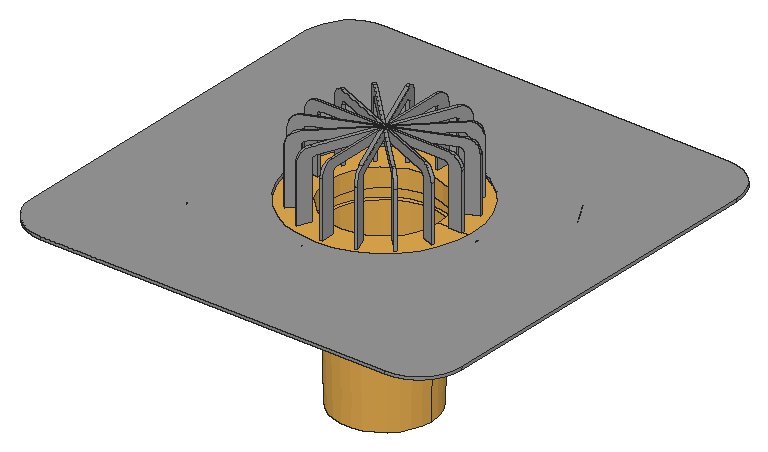
Revit family "TOPWET_Střešní vpust TW(E) 110 S", category Instalační zařizovací předměty, Revit 2016 (continued)
Definition of nested family "Šachta pro zelené střechy"
  Definition of nested family "Lamela 380x380"
    Automatic sketch dimensions
      Extrusion 3 sketch curve to Extrusion 3 sketch curve = 38 mm
      plane 1 "Střed (vpředu/vzadu)" to Extrusion 3 sketch curve = 115 mm
      Extrusion 3 sketch curve to Extrusion 3 sketch curve = 28 mm  (x2)
      Extrusion 3 sketch curve to plane 1 "Střed (vpředu/vzadu)" = 4 mm
      plane 1 "Střed (vpředu/vzadu)" to Extrusion 3 sketch curve = 15 mm
      Extrusion 3 sketch curve to plane 1 "Střed (vpředu/vzadu)" = 21 mm
      Extrusion 3 sketch curve to Extrusion 3 sketch curve = 50 mm  (x3)
      Extrusion 3 sketch curve to Extrusion 3 sketch curve = 115 mm
      Extrusion 3 sketch curve to Extrusion 3 sketch curve = 46 mm
      Extrusion 3 sketch curve to Extrusion 3 sketch curve = 4 mm
      Extrusion 3 sketch curve to level = 100 mm
      Extrusion 3 sketch curve to Extrusion 3 sketch curve = 0 mm  (x4)
      Extrusion 3 sketch curve to level = 49.314 mm
      Extrusion 3 sketch curve to Extrusion 3 sketch curve = 11.314 mm  (x2)
      Extrusion 3 sketch curve to level = 38 mm
      Extrusion 3 sketch curve to Extrusion 3 sketch curve = 19 mm
      Extrusion 3 sketch curve to Extrusion 3 sketch curve = 62 mm
      Extrusion 2 sketch curve to plane 3 "Střed (vlevo/vpravo)" = 151 mm
      Extrusion 2 sketch curve to Extrusion 2 sketch curve = 17 mm  (x7)
      Extrusion 2 sketch curve to level = 38 mm  (x6)
      Extrusion 2 sketch curve to Extrusion 2 sketch curve = 19 mm  (x2)
      Extrusion 2 sketch curve to Extrusion 2 sketch curve = 28 mm  (x2)
      plane 3 "Střed (vlevo/vpravo)" to Extrusion 2 sketch curve = 4 mm
      Extrusion 2 sketch curve to plane 3 "Střed (vlevo/vpravo)" = 15 mm
      plane 3 "Střed (vlevo/vpravo)" to Extrusion 2 sketch curve = 21 mm
      Extrusion 2 sketch curve to Extrusion 2 sketch curve = 50 mm  (x3)
      Extrusion 2 sketch curve to Extrusion 2 sketch curve = 46 mm  (x2)
      Extrusion 2 sketch curve to level = 49.314 mm
      Extrusion 2 sketch curve to Extrusion 2 sketch curve = 4 mm
      Extrusion 2 sketch curve to Extrusion 2 sketch curve = 0 mm
      Extrusion 2 sketch curve to Extrusion 2 sketch curve = 33.686 mm
      Extrusion 2 sketch curve to Extrusion 2 sketch curve = 62 mm
      Extrusion 5 sketch curve to plane 3 "Střed (vlevo/vpravo)" = 185 mm
      Extrusion 5 sketch curve to Extrusion 5 sketch curve = 4 mm
      Extrusion 5 sketch curve to Extrusion 5 sketch curve = 46 mm
      Extrusion 5 sketch curve to plane 3 "Střed (vlevo/vpravo)" = 181 mm
      Extrusion 5 sketch curve to Extrusion 5 sketch curve = 50 mm  (x2)
      Extrusion 5 sketch curve to plane 3 "Střed (vlevo/vpravo)" = 66 mm
      Extrusion 5 sketch curve to Extrusion 5 sketch curve = 17 mm  (x7)
      plane 3 "Střed (vlevo/vpravo)" to Extrusion 5 sketch curve = 15 mm
      Extrusion 5 sketch curve to plane 3 "Střed (vlevo/vpravo)" = 21 mm
      Extrusion 5 sketch curve to plane 3 "Střed (vlevo/vpravo)" = 4 mm
      plane 3 "Střed (vlevo/vpravo)" to Extrusion 5 sketch curve = 34 mm
      Extrusion 5 sketch curve to Extrusion 5 sketch curve = 28 mm
      Extrusion 5 sketch curve to Extrusion 5 sketch curve = 38 mm
      Extrusion 5 sketch curve to level = 100 mm
      Extrusion 5 sketch curve to Extrusion 5 sketch curve = 0 mm  (x4)
      Extrusion 5 sketch curve to level = 49.314 mm
      Extrusion 5 sketch curve to Extrusion 5 sketch curve = 11.314 mm  (x2)
      Extrusion 5 sketch curve to level = 38 mm
      Extrusion 5 sketch curve to Extrusion 5 sketch curve = 19 mm
      Extrusion 5 sketch curve to Extrusion 5 sketch curve = 62 mm
      Extrusion 6 sketch curve to plane 1 "Střed (vpředu/vzadu)" = 190 mm
      plane 1 "Střed (vpředu/vzadu)" to Extrusion 6 sketch curve = 190 mm
      Extrusion 6 sketch curve to plane 3 "Střed (vlevo/vpravo)" = 190 mm
      plane 3 "Střed (vlevo/vpravo)" to Extrusion 6 sketch curve = 190 mm
      radius of Extrusion 4 sketch curve = 12 mm  (x5)
      radius of Extrusion 3 sketch curve = 12 mm  (x5)
      radius of Extrusion 2 sketch curve = 12 mm  (x5)
      radius of Extrusion 5 sketch curve = 12 mm  (x5)
Definition of nested family "Mechanická zápachová klapka"
  Parameters (values of type "Mechanická zápachová klapka")
    Manufacturer = "TOPWET"  # constant formula
    URL = "http://www.topwet.cz/produkty/265-mechanicka-zapachova-klapka"
    Type Image = element 926192
    Description = "Příslušenství vpusti"
    OBJEDNACÍ KÓD [instance] = "TWZU KL"
    Model = "viz OBJEDNACÍ KÓD"
    Type Comments = "Mechanická zápachová klapka TOPWET se zvýšenou odtokovou kapacitou a samočisticí schopností. Určena pro střešní vpusti, terasové vpusti a nástavce TOPWET. Klapku není vhodné umisťovat do prostředí bez volné cirkulace vzduchu."
    Keynote = ""
    Cost = 0
    COPYRIGHT = "©TOPWET"  # constant formula
  Reference planes
    plane 1 "Střed (vpředu/vzadu)": y = 0
    plane 2: z = 0
    plane 3 "Střed (vlevo/vpravo)": x = 0
  Forms (mm)
    Revolve 1, solid, detail levels medium+fine
      sketch origin (0, 0, 0) x (1, 0, 0) y (0, 0, 1)
        loop
          line (0, 0) -> (0, -61.3) -> (10, -61.3)
          arc (10, -61.3) -> (40.406, -48.706) -> (53, -18.3) r 43
          line (53, -18.3) -> (53, -9.3) -> (57, -9.3) -> (57, 0) -> (0, 0)
        axis (0, -61.3) -> (0, 0)
      angle from 0 to 360
    Extrusion 2, void
      sketch origin (0, 0, 0) x (1, 0, 0) y (0, 0, 1)
        loop
          line (-57, -9.3) -> (-57, -66.596) -> (-10.061, -66.596) -> (4.954, -10.558)
          arc (4.954, -10.558) -> (6.719, -9.768) -> (7.852, -11.335) r 1.532
          line (7.852, -11.335) -> (5.852, -18.8) -> (10.5, -18.8) -> (10.5, -9.3) -> (-57, -9.3)
      from -80 to 80
    Extrusion 3, void
      sketch origin (0, 0, 0) x (0, 1, 0) y (0, 0, 1)
        loop
          line (-42, -9.3) -> (-56, -9.3) -> (-56, -51.3) -> (-42, -51.3) -> (-42, -9.3)
        loop
          line (42, -9.3) -> (42, -51.3) -> (56, -51.3) -> (56, -9.3) -> (42, -9.3)
      from -19.66 to 60.954
    Revolve 4, void
      sketch origin (0, 0, 0) x (1, 0, 0) y (0, 0, 1)
        loop
          line (0, -5.448) -> (50.5, 0) -> (0, 0) -> (0, -5.448)
        axis (0, -5.448) -> (0, 0)
      angle from 0 to 360
    Extrusion 5, solid, detail levels medium+fine
      sketch origin (0, 0, 0) x (1, 0, 0) y (0, 1, 0)
        loop
          line (-43, -26.482) -> (-43, 26.482)
          arc (-43, 26.482) -> (-50.5, 0) -> (-43, -26.482) r 50.5
      from -9.3 to 0
    Extrusion 6, void
      sketch origin (0, 0, 0) x (0, 1, 0) y (0, 0, 1)
        loop
          line (37, -18.8) -> (42, -18.8) -> (42, -9.3) -> (37, -9.3) -> (37, -18.8)
        loop
          line (-37, -18.8) -> (-37, -9.3) -> (-42, -9.3) -> (-42, -18.8) -> (-37, -18.8)
      from 0 to 10.5
  Cuts and joins
    Extrusion 2, Extrusion 3, Revolve 4, Extrusion 6 cuts Revolve 1
    Extrusion 6 cuts Extrusion 5
    joined: Revolve 1, Extrusion 5
  Lines and regions (mm)
    model lines, detail levels fine
      curve 1: line (5.852, 41.938, 0) -> (28.134, 41.938, 0)
      curve 2: spline (5.852, 41.938, 0) -> (2.904, 40.509, 0) -> (0.158, 36.319, 0) -> (-2.201, 29.654, 0) -> (-4.01, 20.969, 0) -> (-5.148, 10.854, 0) -> (-5.536, 0, 0) -> (-5.148, -10.854, 0) -> (-4.01, -20.969, 0) -> (-2.201, -29.654, 0) -> (0.158, -36.319, 0) -> (2.904, -40.509, 0) -> (5.852, -41.938, 0)
      curve 3: line (5.852, -41.938, 0) -> (28.134, -41.938, 0)
      curve 4: line (30.907, -39.938, 0) -> (9, -39.938, 0)
      curve 5: line (9, -39.938, 0) -> (9, -1, 0)
      curve 6: line (9, -1, 0) -> (9, 39.938, 0)
      curve 7: line (13, -39.938, 0) -> (13, 39.938, 0)
      curve 8: line (5.852, 41.938, 0) -> (28.134, 41.938, 0)
      curve 9: line (9, 39.938, 0) -> (30.907, 39.938, 0)
      curve 10: line (-1.25, -1, 0) -> (13, -1, 0)
      curve 11: line (-1.25, 1, 0) -> (-1.25, -1, 0)
      curve 12: line (13, 1, 0) -> (-1.25, 1, 0)
      curve 13: line (13, -1, 0) -> (13, 1, 0)
  Dimensions and locks
    aligned and locked: level to plane 2
Definition of nested family "Vodní zápachová uzávěra"
  Parameters (values of type "Vodní zápachová uzávěra")
    Manufacturer = "TOPWET"  # constant formula
    URL = "http://www.topwet.cz/produkty/266-vodni-zapachova-uzavera"
    Type Image = element 925471
    Description = "Příslušenství vpusti"
    OBJEDNACÍ KÓD [instance] = "TWZU"
    Model = "viz OBJEDNACÍ KÓD"
    Type Comments = "Vodní zápachová uzávěra TOPWET nové generace se zvýšenou odtokovou kapacitou. Určena pro střešní vpusti, terasové vpusti a nástavce TOPWET. Výška vodní hladiny 50 mm. Klapka je určena do prostředí bez volné cirkulace vzduchu a do míst, kde je eliminována možnost zamrznutí."
    Keynote = ""
    Cost = 0
    COPYRIGHT = "©TOPWET"  # constant formula
  Reference planes
    plane 1 "Střed (vpředu/vzadu)": y = 0
    plane 2: z = 0
    plane 3 "Střed (vlevo/vpravo)": x = 0
  Forms (mm)
    Revolve 1, solid, detail levels medium+fine
      sketch origin (0, 0, 5.7) x (1, 0, 0) y (0, 0, 1)
        loop
          line (0, 0) -> (0, -2.2) -> (31.791, -2.2)
          arc (31.791, -2.2) -> (35.815, -3.823) -> (37.587, -7.783) r 5.8
          line (37.587, -7.783) -> (39.201, -54) -> (41.402, -54) -> (39.785, -7.704)
          arc (39.785, -7.704) -> (37.342, -2.239) -> (31.791, 0) r 8
          line (31.791, 0) -> (0, 0)
        loop
          line (25.5, -13) -> (25.5, -57)
          arc (25.5, -57) -> (27.843, -62.657) -> (33.5, -65) r 8
          line (33.5, -65) -> (44.75, -65)
          arc (44.75, -65) -> (50.407, -62.657) -> (52.75, -57) r 8
          line (52.75, -57) -> (52.75, -19.574) -> (55, -13.392) -> (55, -5.7) -> (50.55, -5.7) -> (50.55, -57)
          arc (50.55, -57) -> (48.851, -61.101) -> (44.75, -62.8) r 5.8
          line (44.75, -62.8) -> (33.5, -62.8)
          arc (33.5, -62.8) -> (29.399, -61.101) -> (27.7, -57) r 5.8
          line (27.7, -57) -> (27.7, -13) -> (25.5, -13)
        axis (0, -65) -> (0, 0)
      angle from 0 to 360
  Dimensions and locks
    aligned and locked: level to plane 2
Definition of nested family "Odvodňovací kroužek pro ochranný koš TW ODK"
  Parameters (values of type "Odvodňovací kroužek pro ochranný koš TW ODK")
    Manufacturer = "TOPWET"  # constant formula
    URL = "http://www.topwet.cz/produkty/269-odvodnovaci-krouzek"
    Type Image = element 924484
    Seříznutí [instance] = 0 mm
    Description = "Příslušenství vpusti"
    OBJEDNACÍ KÓD [instance] = "TW ODK"
    Model = "viz OBJEDNACÍ KÓD"
    Type Comments = "TW ODK, Odvodňovací kroužek"
    Keynote = "TW ODK"
    Cost = 0
    COPYRIGHT = "©TOPWET"  # constant formula
  Reference planes
    plane 1 "Střed (vpředu/vzadu)": y = 0
    plane 2: z = 0
    plane 3 "Střed (vlevo/vpravo)": x = 0
    plane 4: z = -33
    plane 5: z = -33
    plane 6: z = -33
  Forms (mm)
    Extrusion 1, solid, detail levels medium+fine
      sketch origin (0, 0, 0) x (1, 0, 0) y (0, 1, 0)
        loop
          circle (0, 0) r 64.5
        loop
          circle (0, 0) r 67.5
      from 15 to -18
    Sweep 2, void
      path origin (0, 0, 0) x (0.987688, 0.156434, 0) y (-0.156434, 0.987688, 0)
        loop
          line (0, -72.5) -> (0, 72.5)
      profile origin (0, 0, 0) x (-0.987688, -0.156434, 0) y (0, 0, 1)
        loop
          line (7.4, -18) -> (7.4, -4.2)
          arc (7.4, -4.2) -> (6.521, -2.079) -> (4.4, -1.2) r 3
          line (4.4, -1.2) -> (-4.4, -1.2)
          arc (-4.4, -1.2) -> (-6.521, -2.079) -> (-7.4, -4.2) r 3
          line (-7.4, -4.2) -> (-7.4, -18) -> (7.4, -18)
    Sweep 3, void
      path origin (0, 0, 0) x (0.891007, 0.45399, 0) y (-0.45399, 0.891007, 0)
        loop
          line (0, -72.5) -> (0, 72.5)
      profile origin (0, 0, 0) x (-0.891007, -0.45399, 0) y (0, 0, 1)
        loop
          line (7.4, -18) -> (7.4, -4.2)
          arc (7.4, -4.2) -> (6.521, -2.079) -> (4.4, -1.2) r 3
          line (4.4, -1.2) -> (-4.4, -1.2)
          arc (-4.4, -1.2) -> (-6.521, -2.079) -> (-7.4, -4.2) r 3
          line (-7.4, -4.2) -> (-7.4, -18) -> (7.4, -18)
    Sweep 4, void
      path origin (0, 0, 0) x (0.707107, 0.707107, 0) y (-0.707107, 0.707107, 0)
        loop
          line (0, -72.5) -> (0, 72.5)
      profile origin (0, 0, 0) x (-0.707107, -0.707107, 0) y (0, 0, 1)
        loop
          line (7.4, -18) -> (7.4, -4.2)
          arc (7.4, -4.2) -> (6.521, -2.079) -> (4.4, -1.2) r 3
          line (4.4, -1.2) -> (-4.4, -1.2)
          arc (-4.4, -1.2) -> (-6.521, -2.079) -> (-7.4, -4.2) r 3
          line (-7.4, -4.2) -> (-7.4, -18) -> (7.4, -18)
    Sweep 5, void
      path origin (0, 0, 0) x (0.45399, 0.891007, 0) y (-0.891007, 0.45399, 0)
        loop
          line (0, -72.5) -> (0, 72.5)
      profile origin (0, 0, 0) x (-0.45399, -0.891007, 0) y (0, 0, 1)
        loop
          line (7.4, -18) -> (7.4, -4.2)
          arc (7.4, -4.2) -> (6.521, -2.079) -> (4.4, -1.2) r 3
          line (4.4, -1.2) -> (-4.4, -1.2)
          arc (-4.4, -1.2) -> (-6.521, -2.079) -> (-7.4, -4.2) r 3
          line (-7.4, -4.2) -> (-7.4, -18) -> (7.4, -18)
    Sweep 6, void
      path origin (0, 0, 0) x (0.156434, 0.987688, 0) y (-0.987688, 0.156434, 0)
        loop
          line (0, -72.5) -> (0, 72.5)
      profile origin (0, 0, 0) x (-0.156434, -0.987688, 0) y (0, 0, 1)
        loop
          line (7.4, -18) -> (7.4, -4.2)
          arc (7.4, -4.2) -> (6.521, -2.079) -> (4.4, -1.2) r 3
          line (4.4, -1.2) -> (-4.4, -1.2)
          arc (-4.4, -1.2) -> (-6.521, -2.079) -> (-7.4, -4.2) r 3
          line (-7.4, -4.2) -> (-7.4, -18) -> (7.4, -18)
    Sweep 7, void
      path origin (0, 0, 0) x (-0.987688, 0.156434, 0) y (0.156434, 0.987688, 0)
        loop
          line (0, -72.5) -> (0, 72.5)
      profile origin (0, 0, 0) x (-0.987688, 0.156434, 0) y (0, 0, 1)
        loop
          line (-7.4, -18) -> (7.4, -18) -> (7.4, -4.2)
          arc (7.4, -4.2) -> (6.521, -2.079) -> (4.4, -1.2) r 3
          line (4.4, -1.2) -> (-4.4, -1.2)
          arc (-4.4, -1.2) -> (-6.521, -2.079) -> (-7.4, -4.2) r 3
          line (-7.4, -4.2) -> (-7.4, -18)
    Sweep 8, void
      path origin (0, 0, 0) x (-0.891007, 0.45399, 0) y (0.45399, 0.891007, 0)
        loop
          line (0, -72.5) -> (0, 72.5)
      profile origin (0, 0, 0) x (-0.891007, 0.45399, 0) y (0, 0, 1)
        loop
          line (-7.4, -18) -> (7.4, -18) -> (7.4, -4.2)
          arc (7.4, -4.2) -> (6.521, -2.079) -> (4.4, -1.2) r 3
          line (4.4, -1.2) -> (-4.4, -1.2)
          arc (-4.4, -1.2) -> (-6.521, -2.079) -> (-7.4, -4.2) r 3
          line (-7.4, -4.2) -> (-7.4, -18)
    Sweep 9, void
      path origin (0, 0, 0) x (-0.707107, 0.707107, 0) y (0.707107, 0.707107, 0)
        loop
          line (0, -72.5) -> (0, 72.5)
      profile origin (0, 0, 0) x (-0.707107, 0.707107, 0) y (0, 0, 1)
        loop
          line (-7.4, -18) -> (7.4, -18) -> (7.4, -4.2)
          arc (7.4, -4.2) -> (6.521, -2.079) -> (4.4, -1.2) r 3
          line (4.4, -1.2) -> (-4.4, -1.2)
          arc (-4.4, -1.2) -> (-6.521, -2.079) -> (-7.4, -4.2) r 3
          line (-7.4, -4.2) -> (-7.4, -18)
    Sweep 10, void
      path origin (0, 0, 0) x (-0.45399, 0.891007, 0) y (0.891007, 0.45399, 0)
        loop
          line (0, -72.5) -> (0, 72.5)
      profile origin (0, 0, 0) x (-0.45399, 0.891007, 0) y (0, 0, 1)
        loop
          line (-7.4, -18) -> (7.4, -18) -> (7.4, -4.2)
          arc (7.4, -4.2) -> (6.521, -2.079) -> (4.4, -1.2) r 3
          line (4.4, -1.2) -> (-4.4, -1.2)
          arc (-4.4, -1.2) -> (-6.521, -2.079) -> (-7.4, -4.2) r 3
          line (-7.4, -4.2) -> (-7.4, -18)
    Sweep 11, void
      path origin (0, 0, 0) x (-0.156434, 0.987688, 0) y (0.987688, 0.156434, 0)
        loop
          line (0, -72.5) -> (0, 72.5)
      profile origin (0, 0, 0) x (-0.156434, 0.987688, 0) y (0, 0, 1)
        loop
          line (-7.4, -18) -> (7.4, -18) -> (7.4, -4.2)
          arc (7.4, -4.2) -> (6.521, -2.079) -> (4.4, -1.2) r 3
          line (4.4, -1.2) -> (-4.4, -1.2)
          arc (-4.4, -1.2) -> (-6.521, -2.079) -> (-7.4, -4.2) r 3
          line (-7.4, -4.2) -> (-7.4, -18)
    Extrusion 12, solid, detail levels medium+fine
      sketch origin (0, 0, 0) x (1, 0, 0) y (0, 1, 0)
        loop
          circle (0, 0) r 60
        loop
          circle (0, 0) r 64.5
      from -18 to -33
    Extrusion 13, void
      sketch origin (0, -60, -33) x (0, 1, 0) y (-1, 0, 0)
        loop
          circle (60, 0) r 70
      from -10 to 0 <- "Seříznutí"
  Cuts and joins
    Sweep 2, Sweep 3, Sweep 4, Sweep 5, Sweep 6, Sweep 7, Sweep 8, Sweep 9, Sweep 10, Sweep 11, Extrusion 13 cuts Extrusion 1
    Extrusion 13 cuts Extrusion 12
  Dimensions and locks
    "Seříznutí": plane 5 to plane 4
    locked: plane 6 to plane 5 at 0
    aligned and locked: level to plane 2
  Automatic sketch dimensions
    Extrusion 1 sketch curve to Extrusion 1 sketch curve = 0 mm  (x2)
    plane 1 "Střed (vpředu/vzadu)" to Extrusion 1 sketch curve = 0 mm
    Extrusion 1 sketch curve to plane 3 "Střed (vlevo/vpravo)" = 0 mm
    Sweep 2 sketch curve to plane 3 "Střed (vlevo/vpravo)" = 11.341 mm
    Sweep 2 sketch curve to plane 1 "Střed (vpředu/vzadu)" = 71.607 mm
    Sweep 2 sketch curve to Sweep 2 sketch curve = 145 mm
    profile plane to Sweep 2 sketch curve = 7.4 mm
    Sweep 2 sketch curve to level = 1.2 mm
    Sweep 2 sketch curve to Sweep 2 sketch curve = 3 mm
    Sweep 2 sketch curve to profile plane = 4.4 mm
    Sweep 2 sketch curve to profile plane = 7.4 mm
    Sweep 2 sketch curve to Sweep 2 sketch curve = 13.8 mm
    Sweep 3 sketch curve to plane 3 "Střed (vlevo/vpravo)" = 32.914 mm
    Sweep 3 sketch curve to plane 1 "Střed (vpředu/vzadu)" = 64.598 mm
    Sweep 3 sketch curve to Sweep 3 sketch curve = 145 mm
    profile plane to Sweep 3 sketch curve = 7.4 mm
    Sweep 3 sketch curve to level = 1.2 mm
    Sweep 3 sketch curve to Sweep 3 sketch curve = 3 mm
    Sweep 3 sketch curve to profile plane = 4.4 mm
    Sweep 3 sketch curve to profile plane = 7.4 mm
    Sweep 3 sketch curve to Sweep 3 sketch curve = 13.8 mm
    Sweep 4 sketch curve to plane 1 "Střed (vpředu/vzadu)" = 51.265 mm
    Sweep 4 sketch curve to plane 3 "Střed (vlevo/vpravo)" = 51.265 mm
    Sweep 4 sketch curve to Sweep 4 sketch curve = 145 mm
    profile plane to Sweep 4 sketch curve = 7.4 mm
    Sweep 4 sketch curve to level = 1.2 mm
    Sweep 4 sketch curve to Sweep 4 sketch curve = 3 mm
    Sweep 4 sketch curve to profile plane = 4.4 mm
    Sweep 4 sketch curve to profile plane = 7.4 mm
    Sweep 4 sketch curve to Sweep 4 sketch curve = 13.8 mm
    Sweep 5 sketch curve to plane 1 "Střed (vpředu/vzadu)" = 32.914 mm
    Sweep 5 sketch curve to plane 3 "Střed (vlevo/vpravo)" = 64.598 mm
    Sweep 5 sketch curve to Sweep 5 sketch curve = 145 mm
    profile plane to Sweep 5 sketch curve = 7.4 mm
    Sweep 5 sketch curve to level = 1.2 mm
    Sweep 5 sketch curve to Sweep 5 sketch curve = 3 mm
    Sweep 5 sketch curve to profile plane = 4.4 mm
    Sweep 5 sketch curve to profile plane = 7.4 mm
    Sweep 5 sketch curve to Sweep 5 sketch curve = 13.8 mm
    Sweep 6 sketch curve to plane 1 "Střed (vpředu/vzadu)" = 11.341 mm
    Sweep 6 sketch curve to plane 3 "Střed (vlevo/vpravo)" = 71.607 mm
    Sweep 6 sketch curve to Sweep 6 sketch curve = 145 mm
    profile plane to Sweep 6 sketch curve = 7.4 mm
    Sweep 6 sketch curve to level = 1.2 mm
    Sweep 6 sketch curve to Sweep 6 sketch curve = 3 mm
    Sweep 6 sketch curve to profile plane = 4.4 mm
    Sweep 6 sketch curve to profile plane = 7.4 mm
    Sweep 6 sketch curve to Sweep 6 sketch curve = 13.8 mm
    Sweep 7 sketch curve to plane 3 "Střed (vlevo/vpravo)" = 11.341 mm
    plane 1 "Střed (vpředu/vzadu)" to Sweep 7 sketch curve = 71.607 mm
    Sweep 7 sketch curve to Sweep 7 sketch curve = 145 mm
    profile plane to Sweep 7 sketch curve = 7.4 mm
    Sweep 7 sketch curve to level = 1.2 mm
    Sweep 7 sketch curve to Sweep 7 sketch curve = 3 mm
    Sweep 7 sketch curve to profile plane = 4.4 mm
    Sweep 7 sketch curve to profile plane = 7.4 mm
    Sweep 7 sketch curve to Sweep 7 sketch curve = 13.8 mm
    Sweep 8 sketch curve to plane 3 "Střed (vlevo/vpravo)" = 32.914 mm
    plane 1 "Střed (vpředu/vzadu)" to Sweep 8 sketch curve = 64.598 mm
    Sweep 8 sketch curve to Sweep 8 sketch curve = 145 mm
    profile plane to Sweep 8 sketch curve = 7.4 mm
    Sweep 8 sketch curve to level = 1.2 mm
    Sweep 8 sketch curve to Sweep 8 sketch curve = 3 mm
    Sweep 8 sketch curve to profile plane = 4.4 mm
    Sweep 8 sketch curve to profile plane = 7.4 mm
    Sweep 8 sketch curve to Sweep 8 sketch curve = 13.8 mm
    plane 1 "Střed (vpředu/vzadu)" to Sweep 9 sketch curve = 51.265 mm
    Sweep 9 sketch curve to plane 3 "Střed (vlevo/vpravo)" = 51.265 mm
    Sweep 9 sketch curve to Sweep 9 sketch curve = 145 mm
    profile plane to Sweep 9 sketch curve = 7.4 mm
    Sweep 9 sketch curve to level = 1.2 mm
    Sweep 9 sketch curve to Sweep 9 sketch curve = 3 mm
    Sweep 9 sketch curve to profile plane = 4.4 mm
    Sweep 9 sketch curve to profile plane = 7.4 mm
    Sweep 9 sketch curve to Sweep 9 sketch curve = 13.8 mm
    plane 1 "Střed (vpředu/vzadu)" to Sweep 10 sketch curve = 32.914 mm
    Sweep 10 sketch curve to plane 3 "Střed (vlevo/vpravo)" = 64.598 mm
    Sweep 10 sketch curve to Sweep 10 sketch curve = 145 mm
    profile plane to Sweep 10 sketch curve = 7.4 mm
    Sweep 10 sketch curve to level = 1.2 mm
    Sweep 10 sketch curve to Sweep 10 sketch curve = 3 mm
    Sweep 10 sketch curve to profile plane = 4.4 mm
    Sweep 10 sketch curve to profile plane = 7.4 mm
    Sweep 10 sketch curve to Sweep 10 sketch curve = 13.8 mm
    plane 1 "Střed (vpředu/vzadu)" to Sweep 11 sketch curve = 11.341 mm
    Sweep 11 sketch curve to plane 3 "Střed (vlevo/vpravo)" = 71.607 mm
    Sweep 11 sketch curve to Sweep 11 sketch curve = 145 mm
    profile plane to Sweep 11 sketch curve = 7.4 mm
    Sweep 11 sketch curve to level = 1.2 mm
    Sweep 11 sketch curve to Sweep 11 sketch curve = 3 mm
    Sweep 11 sketch curve to profile plane = 4.4 mm
    Sweep 11 sketch curve to profile plane = 7.4 mm
    Sweep 11 sketch curve to Sweep 11 sketch curve = 13.8 mm
    Extrusion 12 sketch curve to Extrusion 12 sketch curve = 0 mm  (x2)
    plane 1 "Střed (vpředu/vzadu)" to Extrusion 12 sketch curve = 0 mm
    Extrusion 12 sketch curve to plane 3 "Střed (vlevo/vpravo)" = 0 mm
    plane 1 "Střed (vpředu/vzadu)" to Extrusion 13 sketch curve = 0 mm
    Extrusion 13 sketch curve to plane 3 "Střed (vlevo/vpravo)" = 0 mm
    radius of Extrusion 1 sketch curve = 64.5 mm
    radius of Extrusion 1 sketch curve = 67.5 mm
    radius of Extrusion 12 sketch curve = 60 mm
    radius of Extrusion 12 sketch curve = 64.5 mm
    radius of Extrusion 13 sketch curve = 70 mm
Types (6, lengths in mm): name | Šachta pro zelené střechy_výška | Typ nástavce střešní vpusti TWN | Terasový nástavec TW TER_výška | Perforovaný terasový nástavec TW TER P_výška | Odvodňovací kroužek TW ODK_k nástavci TW TER P | Nástavec střešní vpusti TWN_výška | VN | URL | Typ obrázku | T | OBJEDNACÍ KÓD | Límec_Materiál | Komentáře k typům | Klíčová poznámka | Elektrické vyhřívání_Vpusť
  TW 110 BIT S svislé provedení, manžeta z asfaltového pásu | 500 | Nástavec střešní vpusti TWN : TWN BIT | 150 | 220 | 1 | 300 | 368.7 | "http://www.topwet.cz/produkty/10-svisla-stresni-vpust-s-integrovanou-bitumenovou-manzetou" | TW 75 BIT S.jpg | 1 | "TW 110 BIT S" | Plast - černý | "Střešní vpust TOPWET s integrovanou manžetou z modifikovaného asfaltového pásu, svislé provedení, tepelně izolovaná - dvojstěnná s ochranným košem" | "TW 110 ___ S" | no
  TW 110 PVC S svislé provedení, manžeta z PVC | 336 | Nástavec střešní vpusti TWN : TWN PVC | 161 | 218.7 | 0 | 500 | 568.7 | "http://www.topwet.cz/produkty/26-svisla-stresni-vpust-s-integrovanou-pvc-manzetou" | TW 75 PVC S.jpg | 2 | "TW 110 PVC S" | Plast - hnědý | "Střešní vpust TOPWET s integrovanou manžetou z hydroizolační fólie na bázi PVC, svislé provedení, tepelně izolovaná - dvojstěnná s ochranným košem" | "TW 110 PVC S" | no
  TW 110___S svislé provedení, manžeta na zakázku | 500 | Nástavec střešní vpusti TWN : TWN___ | 150 | 220 | 2 | 250 | 318.7 | "http://www.topwet.cz/produkty/149-svisla-stresni-vpust-s-integrovanou-manzetou-na-zakazku" | TW 75 ___ S.jpg | 3 | "TW 110 ___ S" | Plast - šedý | "Střešní vpust TOPWET s integrovanou manžetou na zakázku (EPDM, TPO, FPO, STE, PE), svislé provedení, tepelně izolovaná - dvojstěnná s ochranným košem" | "TW 110 ___ S" | no
  TWE 110___S svislé provedení, manžeta na zakázku, vyhřívaná | 500 | Nástavec střešní vpusti TWN : TWNE___ vyhřívaný | 150 | 220 | 2 | 250 | 318.7 | "http://www.topwet.cz/produkty/150-svisla-vyhrivana-stresni-vpust-s-integrovanou-manzetou-na-zakazku" | twe-epdm-s.png | 3 | "TWE 110 ___ S" | Plast - šedý | "Vyhřívaná střešní vpust TOPWET s integrovanou manžetou na zakázku (EPDM, TPO, FPO, STE, PE), svislé provedení, tepelně izolovaná - dvojstěnná s ochranným košem, vyhřívaná 230 V s připojovacím kabelem" | "TWE 110 ___ S" | yes
  TWE 110 BIT S svislé provedení, manžeta z asfaltového pásu, vyhřívaná | 500 | Nástavec střešní vpusti TWN : TWNE BIT vyhřívaný | 150 | 220 | 2 | 250 | 318.7 | "http://www.topwet.cz/produkty/20-svisla-vyhrivana-stresni-vpust-s-integrovanou-bitumenovou-manzetou" | twe-bit-s.png | 1 | "TWE 110 BIT S" | Plast - černý | "Vyhřívaná střešní vpust TOPWET s integrovanou manžetou z modifikovaného asfaltového pásu, svislé provedení, tepelně izolovaná - dvojstěnná s ochranným košem, vyhřívaná 230 V s připojovacím kabelem" | "TWE 110 ___ S" | yes
  TWE 110 PVC S svislé provedení, manžeta z PVC, vyhřívaná | 336 | Nástavec střešní vpusti TWN : TWNE PVC vyhřívaný | 161 | 218.7 | 0 | 500 | 568.7 | "http://www.topwet.cz/produkty/30-svisla-vyhrivana-stresni-vpust-s-integrovanou-pvc-manzetou" | twe-pvc-s.png | 2 | "TWE 110 PVC S" | Plast - hnědý | "Vyhřívaná střešní vpust TOPWET s integrovanou manžetou z hydroizolační fólie na bázi PVC, svislé provedení, tepelně izolovaná - dvojstěnná s ochranným košem, vyhřívaná 230 V s připojovacím kabelem" | "TWE 110 PVC S" | yes
